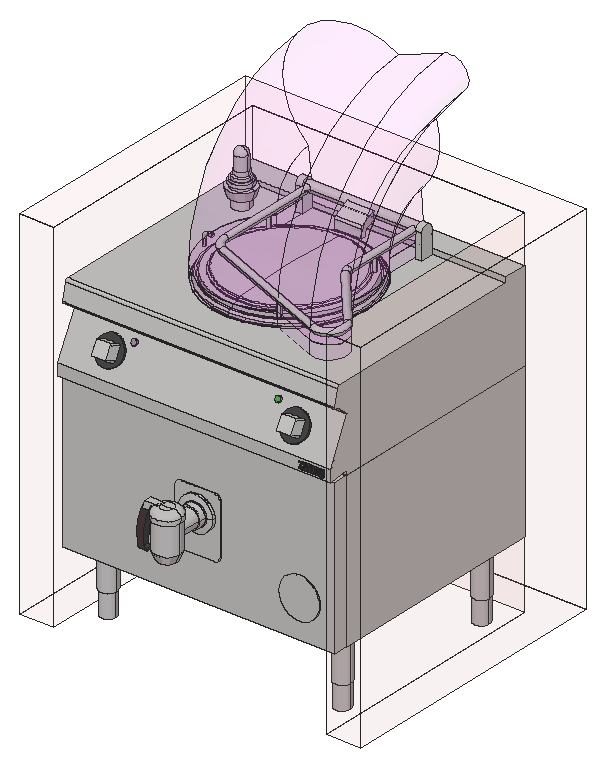
Revit family "QF_ZANUSSI_372272_Z7BSEHINF0", category Attrezzature speciali, Revit 2020
Family settings
  Quota connettore circolare = Usa diametro
  Tipo di parte = Normale
  Basato su piano di lavoro = No
  Sempre verticale = Sì
  Taglio con vuoti quando caricato = No
  Condiviso = Sì
  Punto di calcolo locali = No
Parameters (values of type "Standard")
  Weight = 220.462 lbm
  Watts = 9400 W
  Volts = 400 V
  URL Manufacturer = "http://www.zanussiprofessional.com"
  URL = "http://www.zanussiprofessional.com"
  Steam Supply Size = 0"
  Steam Supply Minimum Pressure = 0.00 psi
  Steam Supply Maximum Pressure = 0.00 psi
  Steam Consumption per Hour = 0
  Show Logo [instance] = yes
  Show Clearance [instance] = yes
  Refrigeration Suction Line Size = 0 mm
  Refrigeration Liquid Line Size = 0 mm
  Refrigerant Compressor Remote = yes
  Prospetto di default = 0 mm
  Produttore = "Zanussi"
  Phase = 3
  Modello = "Z7BSEHINF0"
  Length Actual = 800 mm  # constant formula
  Item Number = "372272"
  Hot Water Size = 3/4"
  Height Actual = 850 mm  # constant formula
  HP = "12.6 HP"
  Gas Size = 0"
  Gas KW = 0
  Gas Input Pressure = 0.0 Btu/h
  Direct Waste Size = 5 1/2"
  Descrizione = "60 LT ELECTRIC INDIRECT BOILING PAN"
  Depth Actual = 700 mm  # constant formula
  Cycle = 50 Hz
  Condensate Return Size = 0"
  Compressed Air Volume = 0 GPM
  Compressed Air Size = 0"
  Compressed Air Pressure = 0.00 psi
  Cold Water Size = 3/4"
  Accessory = yes
Reference planes
  plane 1 "BACK": y = 0
  plane 2: z = 0
  plane 3 "LEFT": x = 0
  plane 4 "RIGHT": x = 800
  plane 5 "FRONT": y = -730
  plane 6: z = 850
  plane 7: z = 150
  plane 8: x = -100
  plane 9: x = 900
  plane 10: y = 100
  plane 11: z = 449
  plane 12 "Top": z = 850
  plane 13: y = -365
  plane 14: x = 400
  plane 15: x = 500
  plane 16: z = 995.049
  plane 17: z = 890.905
  plane 18: y = -512
  plane 19: y = -441
  plane 20: x = 762
  plane 21: y = -519
Forms (mm)
  Extrusion 1, solid, material "QF_Finishes_Clearance", visible <- "Show Clearance"
    sketch origin (0, -80, 0) x (1, 0, 0) y (0, 1, 0)
      loop
        line (-100, -650) -> (0, -650) -> (0, 80) -> (800, 80) -> (800, -650) -> (900, -650) -> (900, 180) -> (-100, 180) -> (-100, -650)
    from 0 to 1055
  Extrusion 2, solid, material "QF_Finishes_Door Clearance", visible <- "Show Clearance"
    sketch origin (0, 42.589, 145) x (1, 0, 0) y (0, 1, 0)
      loop
        line (215, -117.774) -> (215, -152.562) -> (234.241, -152.562) -> (234.241, -247.575)
        arc (234.241, -247.575) -> (220.868, -552.476) -> (521.828, -603.136) r 230.392
        line (521.828, -603.136) -> (660.154, -657.755)
        arc (660.154, -657.755) -> (720.452, -640.077) -> (718.135, -577.284) r 51.161
        line (718.135, -577.284) -> (623.801, -464.862)
        arc (623.801, -464.862) -> (622.911, -349.021) -> (565.758, -248.256) r 230.392
        line (565.758, -248.256) -> (565.758, -152.562) -> (585, -152.562) -> (585, -117.774) -> (215, -117.774)
    from 755 to 795.905
  Revolve 3, solid, material "QF_Finishes_Door Clearance", visible <- "Show Clearance"
    sketch origin (-999.388, 37.227, 940.905) x (1, 0, 0) y (0, 1, 0)
      loop
        line (1214.388, -112.413) -> (1214.388, -147.2) -> (1233.629, -147.2) -> (1233.629, -242.213)
        arc (1233.629, -242.213) -> (1220.256, -547.115) -> (1521.217, -597.774) r 230.392
        line (1521.217, -597.774) -> (1659.542, -652.393)
        arc (1659.542, -652.393) -> (1719.84, -634.715) -> (1717.523, -571.922) r 51.161
        line (1717.523, -571.922) -> (1623.189, -459.5)
        arc (1623.189, -459.5) -> (1622.299, -343.659) -> (1565.146, -242.895) r 230.392
        line (1565.146, -242.895) -> (1565.146, -147.2) -> (1584.388, -147.2) -> (1584.388, -112.413) -> (1214.388, -112.413)
      axis (1214.388, -112.413) -> (1717.523, -112.413)
    angle from 0 to -85
  Extrusion 4, solid, material "QF_Finishes_Stainless Steel"
    sketch origin (28.192, 0, 82.666) x (1, 0, 0) y (0, 0, 1)
      loop
        circle (241.361, 238.63) r 30
    from 699.69 to 700.841
  Extrusion 5, solid, material "QF_Finishes_Stainless Steel"
    sketch origin (455.707, 0, 73.11) x (1, 0, 0) y (0, 0, 1)
      loop
        circle (241.361, 238.63) r 60
    from 699.69 to 700.841
  Extrusion 6, solid, material "QF_Finishes_Stainless Steel"
    sketch origin (0, 0, 50) x (0, 1, 0) y (0, 0, 1)
      loop
        line (0, 601) -> (0, 865) -> (-70, 865) -> (-70, 850) -> (-679.358, 850)
        arc (-679.358, 850) -> (-684.643, 847.811) -> (-686.833, 842.526) r 7.474
        line (-686.833, 842.526) -> (-699.884, 797.011)
        arc (-699.884, 797.011) -> (-699.396, 794.379) -> (-697, 793.184) r 3
        line (-697, 793.184) -> (-686.802, 793.184) -> (-654.982, 761.364) -> (-715, 641.508) -> (-715, 606.508) -> (-658.645, 614.428)
        arc (-658.645, 614.428) -> (-656.101, 613.674) -> (-655, 611.259) r 3.2
        line (-655, 611.259) -> (-655, 601) -> (0, 601)
    from 0 to 800
  Extrusion 7, solid, material "QF_Finishes_Stainless Steel"
    sketch origin (0, 0, 50) x (1, 0, 0) y (0, 1, 0)
      loop
        line (0, 0) -> (0, -655) -> (800, -655) -> (800, 0) -> (0, 0)
    from 150 to 600
  Extrusion 8, solid, material "QF_Finishes_Stainless Steel"
    sketch origin (0, -40, 50) x (0, 1, 0) y (0, 0, 1)
      loop
        line (-660, 601) -> (-660, 150) -> (-620, 150) -> (-620, 601) -> (-660, 601)
    from 0 to 800
  Extrusion 9, solid, material "QF_Finishes_Stainless Steel"
    sketch origin (-1055.159, 275.464, 194.383) x (1, 0, 0) y (0, 1, 0)
      loop
        circle (1102.159, -787.464) r 10
    from -9.383 to 5.617
  Extrusion 10, solid, material "QF_Finishes_Stainless Steel"
    sketch origin (-1055.159, 346.464, 194.383) x (1, 0, 0) y (0, 1, 0)
      loop
        circle (1102.159, -787.464) r 10
    from -9.383 to 5.617
  Extrusion 11, solid, material "QF_Finishes_Stainless Steel"
    sketch origin (-358.159, 332.464, 194.383) x (1, 0, 0) y (0, 1, 0)
      loop
        circle (1102.159, -787.464) r 10
    from -9.383 to 5.617
  Extrusion 12, solid, material "QF_Finishes_Stainless Steel"
    sketch origin (-702.159, 410.464, 194.383) x (1, 0, 0) y (0, 1, 0)
      loop
        circle (1102.159, -787.464) r 20
    from -9.383 to 5.617
Lines and regions (mm)
  reference lines
    curve 1: line (734, 0, 0) -> (754, 0, 0)
  model lines
    curve 2: line (0, -700, 200) -> (0, -660, 200)
Dimensions and locks
  plane 4 "RIGHT" to plane 3 "LEFT" = 800 mm
  plane 6 to level = 850 mm
  plane 3 "LEFT" to plane 4 "RIGHT" = 800 mm
  plane 5 "FRONT" to plane 1 "BACK" = 730 mm
  plane 8 to plane 3 "LEFT" = 100 mm
  plane 4 "RIGHT" to plane 9 = 100 mm
  plane 10 to plane 1 "BACK" = 100 mm
  equal spacing: plane 3 "LEFT", plane 14, plane 4 "RIGHT"
  equal spacing: plane 5 "FRONT", plane 13, plane 1 "BACK"
  plane 15 to plane 3 "LEFT" = 500 mm
  aligned and locked: level to plane 2
  aligned and locked: plane 5 "FRONT" to Extrusion 1  (x2)
  aligned and locked: Extrusion 1 to plane 4 "RIGHT"
  aligned and locked: plane 3 "LEFT" to Extrusion 1
  aligned and locked: plane 8 to Extrusion 1
  aligned and locked: plane 9 to Extrusion 1
  aligned and locked: plane 10 to Extrusion 1
  aligned and locked: plane 1 "BACK" to Extrusion 1
Automatic sketch dimensions
  curve 2 to plane 5 "FRONT" = 30 mm
  plane 7 to curve 2 = 50 mm
  curve 2 to curve 2 = 40 mm
  plane 5 "FRONT" to Extrusion 1 sketch curve = 0 mm  (x2)
  Extrusion 1 sketch curve to plane 8 = 0 mm
  Extrusion 1 sketch curve to plane 3 "LEFT" = 0 mm
  plane 1 "BACK" to Extrusion 1 sketch curve = 0 mm
  Extrusion 1 sketch curve to plane 4 "RIGHT" = 0 mm
  Extrusion 1 sketch curve to plane 9 = 0 mm
  Extrusion 1 sketch curve to plane 10 = 0 mm
  plane 1 "BACK" to curve 1 = 0 mm
  plane 20 to curve 1 = 28 mm
  plane 20 to curve 1 = 8 mm
  Extrusion 2 sketch curve to plane 13 = 0 mm
  Extrusion 2 sketch curve to plane 14 = 0 mm
  Extrusion 2 sketch curve to plane 14 = 165.759 mm
  Extrusion 2 sketch curve to Extrusion 2 sketch curve = 19.241 mm
  plane 14 to Extrusion 2 sketch curve = 0.37 mm
  Extrusion 2 sketch curve to plane 15 = 21.828 mm
  Extrusion 2 sketch curve to plane 15 = 65.758 mm
  Extrusion 2 sketch curve to Extrusion 2 sketch curve = 19.242 mm
  plane 19 to Extrusion 2 sketch curve = 18.727 mm
  Extrusion 2 sketch curve to plane 15 = 123.801 mm
  plane 20 to Extrusion 2 sketch curve = 101.846 mm
  Extrusion 2 sketch curve to Extrusion 2 sketch curve = 18.79 mm
  Extrusion 2 sketch curve to plane 21 = 15.695 mm
  plane 20 to Extrusion 2 sketch curve = 43.865 mm
  Extrusion 2 sketch curve to plane 21 = 41.547 mm
  Extrusion 2 sketch curve to plane 21 = 48.581 mm
  Extrusion 2 sketch curve to plane 13 = 1.065 mm
  Extrusion 2 sketch curve to Extrusion 2 sketch curve = 95.694 mm
  Extrusion 2 sketch curve to Extrusion 2 sketch curve = 95.013 mm
  Extrusion 2 sketch curve to Extrusion 2 sketch curve = 34.788 mm
  Revolve 3 sketch curve to plane 13 = 0 mm
  Revolve 3 sketch curve to plane 14 = 0 mm
  Revolve 3 sketch curve to plane 14 = 165.759 mm
  Revolve 3 sketch curve to Revolve 3 sketch curve = 19.241 mm
  plane 14 to Revolve 3 sketch curve = 0.37 mm
  Revolve 3 sketch curve to plane 15 = 21.828 mm
  Revolve 3 sketch curve to plane 15 = 65.758 mm
  Revolve 3 sketch curve to Revolve 3 sketch curve = 19.242 mm
  plane 19 to Revolve 3 sketch curve = 18.727 mm
  Revolve 3 sketch curve to plane 15 = 123.801 mm
  plane 20 to Revolve 3 sketch curve = 101.846 mm
  Revolve 3 sketch curve to Revolve 3 sketch curve = 18.79 mm
  Revolve 3 sketch curve to plane 21 = 15.695 mm
  plane 20 to Revolve 3 sketch curve = 43.865 mm
  Revolve 3 sketch curve to plane 21 = 41.547 mm
  Revolve 3 sketch curve to plane 21 = 48.581 mm
  Revolve 3 sketch curve to plane 13 = 1.065 mm
  Revolve 3 sketch curve to Revolve 3 sketch curve = 95.694 mm
  Revolve 3 sketch curve to Revolve 3 sketch curve = 95.013 mm
  Revolve 3 sketch curve to Revolve 3 sketch curve = 34.788 mm  (x2)
  Revolve 3 sketch curve to Revolve 3 sketch curve = 63.573 mm
  plane 15 to Revolve 3 sketch curve = 32.187 mm
  Extrusion 4 sketch curve to plane 14 = 130.446 mm
  plane 11 to Extrusion 4 sketch curve = 127.704 mm
  plane 20 to Extrusion 5 sketch curve = 64.932 mm
  plane 11 to Extrusion 5 sketch curve = 137.26 mm
  Extrusion 6 sketch curve to plane 1 "BACK" = 0 mm
  plane 17 to Extrusion 6 sketch curve = 24.095 mm
  plane 1 "BACK" to Extrusion 6 sketch curve = 70 mm
  Extrusion 6 sketch curve to plane 5 "FRONT" = 75.018 mm
  Extrusion 6 sketch curve to plane 5 "FRONT" = 75 mm
  Extrusion 6 sketch curve to Extrusion 6 sketch curve = 3.2 mm
  Extrusion 6 sketch curve to Extrusion 6 sketch curve = 0.445 mm
  plane 17 to Extrusion 6 sketch curve = 1.621 mm
  Extrusion 6 sketch curve to plane 5 "FRONT" = 50.642 mm
  Extrusion 6 sketch curve to plane 6 = 6.816 mm
  Extrusion 6 sketch curve to plane 5 "FRONT" = 43.198 mm
  Extrusion 6 sketch curve to Extrusion 6 sketch curve = 7.474 mm
  Extrusion 6 sketch curve to plane 6 = 3.816 mm
  Extrusion 6 sketch curve to Extrusion 6 sketch curve = 10.198 mm
  Extrusion 6 sketch curve to plane 6 = 2.989 mm
  Extrusion 6 sketch curve to plane 5 "FRONT" = 15 mm
  Extrusion 6 sketch curve to plane 6 = 38.636 mm
  Extrusion 6 sketch curve to Extrusion 6 sketch curve = 119.856 mm
  Extrusion 6 sketch curve to Extrusion 6 sketch curve = 27.08 mm
  Extrusion 6 sketch curve to Extrusion 6 sketch curve = 35 mm
  Extrusion 6 sketch curve to Extrusion 6 sketch curve = 10.259 mm
  Extrusion 7 sketch curve to plane 3 "LEFT" = 0 mm
  Extrusion 7 sketch curve to plane 4 "RIGHT" = 0 mm
  plane 1 "BACK" to Extrusion 7 sketch curve = 0 mm
  Extrusion 7 sketch curve to plane 5 "FRONT" = 75 mm
  Extrusion 8 sketch curve to plane 5 "FRONT" = 30 mm
  Extrusion 8 sketch curve to Extrusion 8 sketch curve = 40 mm
  plane 7 to Extrusion 8 sketch curve = 50 mm
  Extrusion 8 sketch curve to plane 6 = 199 mm
  Extrusion 9 sketch curve to plane 18 = 0 mm
  plane 3 "LEFT" to Extrusion 9 sketch curve = 47 mm
  Extrusion 10 sketch curve to plane 19 = 0 mm
  plane 3 "LEFT" to Extrusion 10 sketch curve = 47 mm
  plane 20 to Extrusion 11 sketch curve = 18 mm
  Extrusion 11 sketch curve to plane 19 = 14 mm
  Extrusion 12 sketch curve to plane 14 = 0 mm
  Extrusion 12 sketch curve to plane 13 = 12 mm
  radius of Extrusion 4 sketch curve = 30 mm
  radius of Extrusion 5 sketch curve = 60 mm
  radius of Extrusion 9 sketch curve = 10 mm
  radius of Extrusion 10 sketch curve = 10 mm
  radius of Extrusion 11 sketch curve = 10 mm
  radius of Extrusion 12 sketch curve = 20 mm
Nested families
  nested 1: "CHIUSURA_EBOLLITORE_MANIGLIA_420" at (400, -364.434, 900), type "CHIUSURA_EBOLLITORE_MANIGLIA_420"
  nested 2: "Valvola_Sicurezza_Pressione_VERSIONE LARGA" at (99.001, -165.726, 900) x (0, -1, 0) z (0, 0, 1), type "Valvola_Sicurezza_Pressione_VERSIONE LARGA"
  nested 3: "SPIA_RED" at (188.474, -668.991, 791.498) x (1, 0, 0) z (0, -0.9021, 0.4315), type "SPIA_RED"
  nested 4: "SPIA_GREEN" at (611.526, -668.991, 791.498) x (-1, 0, 0) z (0, -0.9021, 0.4315), type "SPIA_GREEN"
  nested 5: "CONTROLLER_XP-ZAN" at (178.223, -683.163, 755.086) x (1, 0, 0) z (0, -0.8942, 0.4478), type "CONTROLLER_XP-ZAN"
  nested 6: "CONTROLLER_XP-ZAN" at (723.911, -685.675, 750.07) x (1, 0, 0) z (0, -0.8942, 0.4478), type "CONTROLLER_XP-ZAN"
  nested 7: "ZANUSSI_Logo" at (748.892, -715, 722.809) x (1, 0, 0) z (0, -1, 0), Show Logo <- "Show Logo", visible <- "Show Logo", type "ZANUSSI_Logo"
    with Show Logo yes
  nested 8: "bocchettone_scarico_SX_ebollitori" at (400, -699.69, 411.296) x (1, 0, 0) z (0, -1, 0), type "bocchettone_scarico_SX_ebollitori"
    with Body Finish QF_Finishes_Stainless Steel
  nested 9: "Piedino 50xH200_par" at (56, -91, 0), type "Piedino 50xH200_par"
    with H 200 mm
  nested 10: "Piedino 50xH200_par" at (56, -601, 0), type "Piedino 50xH200_par"
    with H 200 mm
  nested 11: "Piedino 50xH200_par" at (744, -601, 0), type "Piedino 50xH200_par"
    with H 200 mm
  nested 12: "Piedino 50xH200_par" at (744, -91, 0), type "Piedino 50xH200_par"
    with H 200 mm
Connectors
  piping at (400, -377, 185), diameter 139.7, driven by "Direct Waste Size"
    settings: on Extrusion 12, index 7, connector inside diameter 24", connector length 0 mm, flow factor 0, pipe flow 0 GPM, pressure drop 0.00 psi, fitting loss kfactor 0, connector angle 0.00°, fixture units 0, engagement length 0 mm, angle of deflection 0.00°, flow configuration 0, flow direction 0, fitting loss method 0, system type 29, joint type 0, gender type 0, connector reference index -1, connector utility 0, adjustable connector no, is connector primary yes, connector description "Drain"
  electrical at (744, -455, 185), driven by "Volts"
    settings: on Extrusion 11, index 8, voltage 400 V, apparent load 0 VA, apparent load phase1 0 VA, apparent load phase2 0 VA, apparent load phase3 0 VA, power factor 1, load classification "Altro", number of poles 1, system type 30, power factor state 1, is connector primary yes, connector utility no, sub classification motor no, connector description "Electrical Connection"
  piping at (47, -512, 185), diameter 19.05, driven by "Cold Water Size"
    settings: on Extrusion 9, index 9, connector inside diameter 24", connector length 0 mm, flow factor 0, pipe flow 0 GPM, pressure drop 0.00 psi, fitting loss kfactor 0, connector angle 0.00°, fixture units 0, engagement length 0 mm, angle of deflection 0.00°, flow configuration 0, flow direction 0, fitting loss method 0, system type 29, joint type 0, gender type 0, connector reference index -1, connector utility 0, adjustable connector no, is connector primary no, connector description "Cold Water Inlet"
  piping at (47, -441, 185), diameter 19.05, driven by "Hot Water Size"
    settings: on Extrusion 10, index 10, connector inside diameter 24", connector length 0 mm, flow factor 0, pipe flow 0 GPM, pressure drop 0.00 psi, fitting loss kfactor 0, connector angle 0.00°, fixture units 0, engagement length 0 mm, angle of deflection 0.00°, flow configuration 0, flow direction 0, fitting loss method 0, system type 29, joint type 0, gender type 0, connector reference index -1, connector utility 0, adjustable connector no, is connector primary no, connector description "Hot Water Inlet"
Definition of nested family "CHIUSURA_EBOLLITORE_MANIGLIA_420"
  Parameters (values of type "CHIUSURA_EBOLLITORE_MANIGLIA_420")
    Default Elevation = 1219.2 mm
  Reference planes
    plane 1 "Centro (Fronte/Retro)": y = 0
    plane 2: z = 0
    plane 3 "Centro (Sinistra/Destra)": x = 0
  Forms (mm)
    Extrusion 1, solid
      sketch origin (0, 0, 0) x (1, 0, 0) y (0, 1, 0)
        loop
          line (-1219.2, 1219.2) -> (-1219.2, -1219.2) -> (1219.2, -1219.2) -> (1219.2, 1219.2) -> (-1219.2, 1219.2)
      from 0 to -304.8
    Sweep 2, solid
      path origin (-400, 374.738, -849.313) x (1, 0, 0) y (0, 1, 0)
        loop
          line (243.743, -103.594) -> (243.743, -417.5)
          arc (243.743, -417.5) -> (252.432, -445.667) -> (275.478, -464.045) r 50
          line (275.478, -464.045) -> (663.94, -616.483)
          arc (663.94, -616.483) -> (712.787, -602.077) -> (710.882, -551.185) r 41.493
          line (710.882, -551.185) -> (563.79, -375.888)
          arc (563.79, -375.888) -> (558.199, -366.203) -> (556.257, -355.19) r 32.201
          line (556.257, -355.19) -> (556.257, -103.594)
      profile origin (-156.257, 114.191, -849.313) x (1, 0, 0) y (0, 0, 1)
        loop
          circle (0, 918.759) r 9.525
    Revolve 3, solid
      sketch origin (0, 355.988, -849.313) x (0, 1, 0) y (0, 0, 1)
        loop
          line (-355.988, 849.313) -> (-355.988, 890.138)
          arc (-355.988, 890.138) -> (-448.202, 888.071) -> (-540.231, 881.875) r 2058.307
          arc (-540.231, 881.875) -> (-541.6, 881.506) -> (-542.761, 880.692) r 4.095
          line (-542.761, 880.692) -> (-546.613, 876.84) -> (-546.613, 873.469) -> (-564.694, 873.469) -> (-564.694, 853.437) -> (-572.776, 853.437) -> (-572.776, 867.549) -> (-576.075, 867.549) -> (-576.075, 865.745) -> (-580.988, 857.235) -> (-580.988, 851.51) -> (-585.988, 851.51) -> (-585.988, 849.313) -> (-355.988, 849.313)
        axis (-355.988, 849.313) -> (-355.988, 890.138)
      angle from 0 to 360
    Extrusion 4, solid
      sketch origin (-400, 374.738, -849.313) x (1, 0, 0) y (0, 1, 0)
        loop
          circle (516.64, -559.183) r 5
        loop
          circle (611.532, -432.835) r 5
        loop
          circle (556.239, -256.89) r 5
        loop
          circle (243.739, -256.89) r 5
      from 873.469 to 917.509
    Extrusion 5, solid
      sketch origin (-400, 375.449, -857.666) x (0, 1, 0) y (0, 0, 1)
        loop
          circle (-103.594, 927.13) r 15
      from 215 to 585
    Extrusion 6, solid
      sketch origin (-400, 376.074, -857.666) x (0, 1, 0) y (0, 0, 1)
        loop
          line (-161.825, 881.823) -> (-147.722, 881.823) -> (-147.722, 896.159)
          arc (-147.722, 896.159) -> (-146.818, 899.027) -> (-144.432, 900.857) r 5
          line (-144.432, 900.857) -> (-110.128, 913.343)
          arc (-110.128, 913.343) -> (-118.811, 923.657) -> (-115.705, 936.776) r 15
          line (-115.705, 936.776) -> (-157.703, 913.496)
          arc (-157.703, 913.496) -> (-160.718, 910.56) -> (-161.825, 906.499) r 8
          line (-161.825, 906.499) -> (-161.825, 881.823)
      from 361.051 to 438.949
    Extrusion 7, solid
      sketch origin (326.071, 375.449, -856.416) x (0, 1, 0) y (0, 0, -1)
        loop
          line (-86.2, -856.416) -> (-120.988, -856.416) -> (-120.988, -927.861)
          arc (-120.988, -927.861) -> (-103.594, -945.255) -> (-86.2, -927.861) r 17.394
          line (-86.2, -927.861) -> (-86.2, -856.416)
      from 492.722 to 511.071
    Sweep 8, solid
      path origin (25, 0, 0) x (1, 0, 0) y (0, 0, 1)
        loop
          line (-276.49, 0) -> (-276.49, 22.015)
          arc (-276.49, 22.015) -> (-272.687, 31.197) -> (-263.505, 35) r 12.985
          line (-263.505, 35) -> (-251.49, 35)
      profile origin (-251.49, 0, 11.007) x (-1, 0, 0) y (0, -1, 0)
        loop
          circle (0, 0) r 4
    Sweep 9, void
      path origin (25, 0.021, -0.007) x (1, 0, 0) y (0, 0, 1)
        loop
          line (-276.49, 0) -> (-276.49, 22.015)
          arc (-276.49, 22.015) -> (-272.687, 31.197) -> (-263.505, 35) r 12.985
          line (-263.505, 35) -> (-251.49, 35)
      profile origin (-251.49, 0.021, 11) x (-1, 0, 0) y (0, -1, 0)
        loop
          circle (0, 0) r 3
    Extrusion 10, solid
      sketch origin (-326.071, 375.449, -856.416) x (0, 1, 0) y (0, 0, 1)
        loop
          line (-86.2, 856.416) -> (-86.2, 927.861)
          arc (-86.2, 927.861) -> (-103.594, 945.255) -> (-120.988, 927.861) r 17.394
          line (-120.988, 927.861) -> (-120.988, 856.416) -> (-86.2, 856.416)
      from 492.722 to 511.071
  Cuts and joins
    Sweep 9 cuts Sweep 8
    joined: Sweep 2, Extrusion 5, Extrusion 7, Extrusion 10
  Dimensions and locks
    aligned and locked: plane 2 to Extrusion 1
    aligned and locked: level to Extrusion 1
Definition of nested family "Valvola_Sicurezza_Pressione_VERSIONE LARGA"
  Parameters (values of type "Valvola_Sicurezza_Pressione_VERSIONE LARGA")
    Default Elevation = 1219.2 mm
  Reference planes
    plane 1 "Centro (Fronte/Retro)": y = 0
    plane 2: z = 0
    plane 3 "Centro (Sinistra/Destra)": x = 0
  Forms (mm)
    Extrusion 1, solid
      sketch origin (0, 0, 0) x (1, 0, 0) y (0, 1, 0)
        loop
          line (-1219.2, 1219.2) -> (-1219.2, -1219.2) -> (1219.2, -1219.2) -> (1219.2, 1219.2) -> (-1219.2, 1219.2)
      from 0 to -304.8
    Revolve 2, solid
      sketch origin (0, 127, -850) x (0, 1, 0) y (0, 0, 1)
        loop
          line (-127, 850) -> (-127, 1005.049)
          arc (-127, 1005.049) -> (-139.857, 999.724) -> (-145.183, 986.867) r 18.183
          line (-145.183, 986.867) -> (-145.183, 946.198) -> (-147.515, 946.198) -> (-147.515, 935.501) -> (-152, 931.015) -> (-152, 924.56) -> (-157, 924.56) -> (-157, 919.56) -> (-160.008, 919.56) -> (-160.008, 911.432) -> (-157, 911.432) -> (-157, 902.923) -> (-168.345, 902.923) -> (-160.305, 877.208) -> (-152, 875.138) -> (-152, 850) -> (-127, 850)
        axis (-127, 850) -> (-127, 1005.049)
      angle from 0 to 360
  Dimensions and locks
    aligned and locked: plane 2 to Extrusion 1
    aligned and locked: level to Extrusion 1
Definition of nested family "SPIA_RED"
  Parameters
    Default Elevation = 1219.2 mm
  Reference planes
    plane 1 "Centro (Fronte/Retro)": y = 0
    plane 2: z = 0
    plane 3 "Centro (Sinistra/Destra)": x = 0
  Forms (mm)
    Extrusion 1, solid
      sketch origin (0, 0, 0) x (1, 0, 0) y (0, 1, 0)
        loop
          line (-1219.2, 1219.2) -> (-1219.2, -1219.2) -> (1219.2, -1219.2) -> (1219.2, 1219.2) -> (-1219.2, 1219.2)
      from 0 to -304.8
    Extrusion 2, solid
      sketch origin (-367.513, 69.533, 3.175) x (-1, 0, 0) y (0, 1, 0)
        loop
          circle (-367.513, -69.533) r 8
      from 0 to 3.175
  Dimensions and locks
    aligned and locked: plane 2 to Extrusion 1
    aligned and locked: level to Extrusion 1
Definition of nested family "SPIA_GREEN"
  Parameters
    Default Elevation = 1219.2 mm
  Reference planes
    plane 1 "Centro (Fronte/Retro)": y = 0
    plane 2: z = 0
    plane 3 "Centro (Sinistra/Destra)": x = 0
  Forms (mm)
    Extrusion 1, solid
      sketch origin (0, 0, 0) x (1, 0, 0) y (0, 1, 0)
        loop
          line (-1219.2, 1219.2) -> (-1219.2, -1219.2) -> (1219.2, -1219.2) -> (1219.2, 1219.2) -> (-1219.2, 1219.2)
      from 0 to -304.8
    Extrusion 2, solid
      sketch origin (-367.513, 69.533, 3.175) x (-1, 0, 0) y (0, 1, 0)
        loop
          circle (-367.513, -69.533) r 8
      from 0 to 3.175
  Dimensions and locks
    aligned and locked: plane 2 to Extrusion 1
    aligned and locked: level to Extrusion 1
Definition of nested family "CONTROLLER_XP-ZAN"
  Parameters (values of type "CONTROLLER_XP-ZAN")
    Default Elevation = 0 mm
  Reference planes
    plane 1 "Centro (Fronte/Retro)": y = 0
    plane 2: z = 0
    plane 3 "Centro (Sinistra/Destra)": x = 0
    plane 4: x = -51.067
    plane 5: x = 51.067
    plane 6: x = 93.481
    plane 7: x = -93.481
  Forms (mm)
    Extrusion 1, solid
      sketch origin (0, 0, 0) x (1, 0, 0) y (0, 1, 0)
        loop
          line (-1219.2, 1219.2) -> (-1219.2, -1219.2) -> (1219.2, -1219.2) -> (1219.2, 1219.2) -> (-1219.2, 1219.2)
      from 0 to -304.8
    Extrusion 2, solid
      sketch origin (-46.381, -48.923, 0) x (1, 0, 0) y (0, 1, 0)
        loop
          circle (-4.687, 48.923) r 42.414
      from 0 to 3.175
    Blend 3, solid
      base sketch origin (-46.381, -48.923, 3.175) x (1, 0, 0) y (0, 1, 0)
        loop
          line (-23.687, 25.923) -> (14.313, 25.923)
          arc (14.313, 25.923) -> (17.142, 27.095) -> (18.313, 29.923) r 4
          line (18.313, 29.923) -> (18.313, 66.519)
          arc (18.313, 66.519) -> (17.342, 69.132) -> (14.901, 70.476) r 4
          arc (14.901, 70.476) -> (-4.687, 71.923) -> (-24.275, 70.476) r 133.25
          arc (-24.275, 70.476) -> (-26.716, 69.132) -> (-27.687, 66.519) r 4
          line (-27.687, 66.519) -> (-27.687, 29.923)
          arc (-27.687, 29.923) -> (-26.515, 27.095) -> (-23.687, 25.923) r 4
      top sketch origin (-46.381, -48.923, 3.175) x (1, 0, 0) y (0, 1, 0)
        loop
          line (-25.687, 66.519) -> (-25.687, 29.923)
          arc (-25.687, 29.923) -> (-25.101, 28.509) -> (-23.687, 27.923) r 2
          line (-23.687, 27.923) -> (14.313, 27.923)
          arc (14.313, 27.923) -> (15.727, 28.509) -> (16.313, 29.923) r 2
          line (16.313, 29.923) -> (16.313, 66.519)
          arc (16.313, 66.519) -> (15.828, 67.825) -> (14.607, 68.498) r 2
          arc (14.607, 68.498) -> (-4.687, 69.923) -> (-23.981, 68.498) r 131.25
          arc (-23.981, 68.498) -> (-25.201, 67.825) -> (-25.687, 66.519) r 2
      from 0 to 33
  Lines and regions (mm)
    Split face 1
      outline origin (-46.381, -48.923, 36.175) x (1, 0, 0) y (0, 1, 0)
        loop
          line (-6.687, 69.908) -> (-6.687, 62.923) -> (-2.687, 62.923) -> (-2.687, 69.908)
  Dimensions and locks
    aligned and locked: plane 2 to Extrusion 1
    aligned and locked: level to Extrusion 1
Definition of nested family "ZANUSSI_Logo"
  Parameters (values of type "ZANUSSI_Logo")
    Show Logo [instance] = yes
    Default Elevation = 1219.2 mm
  Reference planes
    plane 1 "Center (Front/Back)": y = -49
    plane 2: z = 0
    plane 3 "Center (Left/Right)": x = -9.92
  Forms (mm)
    Extrusion 1, solid
      sketch origin (0, 0, 0) x (1, 0, 0) y (0, 1, 0)
        loop
          line (-1219.2, 1219.2) -> (-1219.2, -1219.2) -> (1219.2, -1219.2) -> (1219.2, 1219.2) -> (-1219.2, 1219.2)
      from 0 to -304.8
    Extrusion 2, solid, visible <- "Show Logo"
      sketch origin (106.353, -215.165, -50) x (1, 0, 0) y (0, 1, 0)
        loop
          line (-137.419, 156.48) -> (-137.419, 160.444) -> (-143.365, 160.444) -> (-137.419, 172.566) -> (-137.419, 175.851) -> (-147.274, 175.851) -> (-147.274, 172.226) -> (-142.063, 172.339) -> (-147.728, 160.444) -> (-147.728, 156.48) -> (-137.419, 156.48)
        loop
          line (-131.729, 163.73) -> (-129.463, 163.73) -> (-130.596, 172.54) -> (-131.729, 163.73)
        loop
          line (-132.748, 156.48) -> (-132.182, 160.218) -> (-128.897, 160.218) -> (-128.33, 156.48) -> (-124.252, 156.48) -> (-127.877, 175.851) -> (-133.315, 175.851) -> (-136.826, 156.48) -> (-132.748, 156.48)
        loop
          line (-123.75, 175.851) -> (-123.75, 156.48) -> (-120.238, 156.48) -> (-120.238, 169.281) -> (-116.953, 156.48) -> (-112.648, 156.48) -> (-112.648, 175.851) -> (-116.273, 175.851) -> (-116.273, 163.503) -> (-119.558, 175.851) -> (-123.75, 175.851)
        loop
          arc (-111.742, 161.27) -> (-106.896, 156.448) -> (-101.433, 160.558) r 5.22
          line (-101.433, 160.558) -> (-101.433, 175.851) -> (-105.398, 175.851) -> (-105.398, 161.464)
          arc (-105.398, 161.464) -> (-106.44, 160.263) -> (-107.777, 161.124) r 1.214
          line (-107.777, 161.124) -> (-107.777, 175.851) -> (-111.742, 175.851) -> (-111.742, 161.27)
        loop
          line (-94.069, 169.734) -> (-90.331, 169.734) -> (-90.269, 171.495)
          arc (-90.269, 171.495) -> (-90.53, 173.458) -> (-91.761, 175.009) r 3.719
          arc (-91.761, 175.009) -> (-95.38, 176.189) -> (-98.998, 175.009) r 6.139
          arc (-98.998, 175.009) -> (-100.474, 172.145) -> (-100.291, 168.927) r 6.125
          arc (-100.291, 168.927) -> (-99.079, 167.149) -> (-97.591, 165.594) r 13.068
          line (-97.591, 165.594) -> (-95.921, 164.113)
          arc (-95.921, 164.113) -> (-94.934, 163.275) -> (-94.167, 162.233) r 5.571
          arc (-94.167, 162.233) -> (-94.357, 160.41) -> (-96.143, 160.003) r 1.573
          arc (-96.143, 160.003) -> (-96.681, 160.547) -> (-96.911, 161.277) r 1.631
          arc (-96.911, 161.277) -> (-96.929, 161.791) -> (-96.911, 162.305) r 7.441
          arc (-96.911, 162.305) -> (-96.895, 162.791) -> (-96.911, 163.277) r 7.03
          line (-96.911, 163.277) -> (-100.866, 163.277)
          arc (-100.866, 163.277) -> (-100.828, 160.504) -> (-99.735, 157.955) r 7.131
          arc (-99.735, 157.955) -> (-94.571, 156.484) -> (-90.221, 159.633) r 6.148
          arc (-90.221, 159.633) -> (-90.141, 162.884) -> (-91.536, 165.823) r 7.021
          line (-91.536, 165.823) -> (-95.882, 169.734)
          arc (-95.882, 169.734) -> (-96.47, 170.472) -> (-96.785, 171.362) r 2.858
          arc (-96.785, 171.362) -> (-95.666, 172.959) -> (-94.069, 171.84) r 1.379
          line (-94.069, 171.84) -> (-94.069, 169.734)
        loop
          line (-82.771, 169.734) -> (-79.033, 169.734) -> (-78.971, 171.495)
          arc (-78.971, 171.495) -> (-79.232, 173.458) -> (-80.463, 175.009) r 3.719
          arc (-80.463, 175.009) -> (-84.081, 176.189) -> (-87.7, 175.009) r 6.139
          arc (-87.7, 175.009) -> (-89.175, 172.145) -> (-88.993, 168.927) r 6.125
          arc (-88.993, 168.927) -> (-87.781, 167.149) -> (-86.293, 165.594) r 13.068
          line (-86.293, 165.594) -> (-84.623, 164.113)
          arc (-84.623, 164.113) -> (-83.636, 163.275) -> (-82.869, 162.233) r 5.571
          arc (-82.869, 162.233) -> (-83.059, 160.41) -> (-84.845, 160.003) r 1.573
          arc (-84.845, 160.003) -> (-85.383, 160.547) -> (-85.613, 161.277) r 1.631
          arc (-85.613, 161.277) -> (-85.631, 161.791) -> (-85.613, 162.305) r 7.441
          arc (-85.613, 162.305) -> (-85.596, 162.791) -> (-85.613, 163.277) r 7.03
          line (-85.613, 163.277) -> (-89.568, 163.277)
          arc (-89.568, 163.277) -> (-89.53, 160.504) -> (-88.437, 157.955) r 7.131
          arc (-88.437, 157.955) -> (-83.272, 156.484) -> (-78.922, 159.633) r 6.148
          arc (-78.922, 159.633) -> (-78.843, 162.884) -> (-80.238, 165.823) r 7.021
          line (-80.238, 165.823) -> (-84.584, 169.734)
          arc (-84.584, 169.734) -> (-85.171, 170.472) -> (-85.486, 171.362) r 2.858
          arc (-85.486, 171.362) -> (-84.368, 172.959) -> (-82.771, 171.84) r 1.379
          line (-82.771, 171.84) -> (-82.771, 169.734)
        loop
          line (-78.21, 175.851) -> (-78.21, 156.48) -> (-74.245, 156.48) -> (-74.245, 175.851) -> (-78.21, 175.851)
      from 50 to 51.6
  Dimensions and locks
    aligned and locked: plane 2 to Extrusion 1
    aligned and locked: level to Extrusion 1
Definition of nested family "bocchettone_scarico_SX_ebollitori"
  Parameters
    Default Elevation = 1219.2 mm
    Body Finish [instance] = none
  Reference planes
    plane 1 "Centro (Fronte/Retro)": y = 0
    plane 2: z = 0
    plane 3 "Centro (Sinistra/Destra)": x = 0
  Forms (mm)
    Extrusion 1, solid
      sketch origin (0, 0, 0) x (1, 0, 0) y (0, 1, 0)
        loop
          line (-1219.2, 1219.2) -> (-1219.2, -1219.2) -> (1219.2, -1219.2) -> (1219.2, 1219.2) -> (-1219.2, 1219.2)
      from 0 to -304.8
    Extrusion 2, solid
      sketch origin (-400, 240.774, 0) x (0, 1, 0) y (-1, 0, 0)
        loop
          arc (-150.774, -353.125) -> (-156.632, -338.983) -> (-170.774, -333.125) r 20
          line (-170.774, -333.125) -> (-310.774, -333.125)
          arc (-310.774, -333.125) -> (-324.916, -338.983) -> (-330.774, -353.125) r 20
          line (-330.774, -353.125) -> (-330.774, -446.875)
          arc (-330.774, -446.875) -> (-324.916, -461.017) -> (-310.774, -466.875) r 20
          line (-310.774, -466.875) -> (-170.774, -466.875)
          arc (-170.774, -466.875) -> (-156.632, -461.017) -> (-150.774, -446.875) r 20
          line (-150.774, -446.875) -> (-150.774, -353.125)
      from 0 to 3.2
    Revolve 3, solid, material <- "Body Finish"
      sketch origin (-350, 21.922, -772.589) x (1, 0, 0) y (0, 0, -1)
        loop
          line (350, -775.828) -> (350, -864.845) -> (377.31, -864.845) -> (377.31, -807.326) -> (381.52, -807.326) -> (381.52, -788.802) -> (383.56, -788.802) -> (383.56, -785.903) -> (400.479, -782.307) -> (400.479, -775.828) -> (350, -775.828)
        axis (350, -864.845) -> (350, -775.828)
      angle from 0 to 360
    Revolve 4, solid, material <- "Body Finish"
      sketch origin (-350, -526.747, 115) x (1, 0, 0) y (0, 1, 0)
        loop
          line (387.487, 584.414) -> (391.109, 584.414) -> (391.109, 596.458)
          arc (391.109, 596.458) -> (383.595, 608.72) -> (370.039, 613.521) r 21.541
          line (370.039, 613.521) -> (350, 613.521) -> (350, 475.451) -> (376.476, 475.451) -> (387.487, 500.451) -> (387.487, 584.414)
        axis (350, 475.451) -> (350, 613.521)
      angle from 0 to 360
    Extrusion 5, solid, material <- "Body Finish"
      sketch origin (-350, -775.155, 38.523) x (1, 0, 0) y (0, 1, 0)
        loop
          line (334.337, 862.322) -> (293.259, 862.322)
          arc (293.259, 862.322) -> (288.909, 852.087) -> (286.124, 841.32) r 74.823
          line (286.124, 841.32) -> (313.163, 841.32)
          arc (313.163, 841.32) -> (321.492, 854.097) -> (334.337, 862.322) r 36.276
      from 65.839 to 87.452
    Extrusion 6, solid
      sketch origin (-317.505, -797.905, 38.523) x (0.996195, 0.087156, 0) y (-0.087156, 0.996195, 0)
        loop
          line (310.083, 729.392) -> (326.95, 725.56)
          arc (326.95, 725.56) -> (330.708, 728.657) -> (328.286, 732.881) r 3.774
          arc (328.286, 732.881) -> (324.091, 735.364) -> (321.08, 739.199) r 13.226
          arc (321.08, 739.199) -> (329.921, 798.627) -> (355.034, 853.209) r 212.616
          line (355.034, 853.209) -> (332.761, 855.158)
          arc (332.761, 855.158) -> (308.651, 800.836) -> (302.633, 741.71) r 188.693
          arc (302.633, 741.71) -> (303.742, 733.968) -> (310.083, 729.392) r 10
      from 68.541 to 84.413
  Dimensions and locks
    Extrusion 5 sketch curve to Extrusion 5 sketch curve to Revolve 4 = 21.002 mm locked, 117.461 mm locked
    Extrusion 6 sketch curve to Extrusion 6 sketch curve to Extrusion 6 sketch curve to Extrusion 6 sketch curve to Extrusion 6 sketch curve to Extrusion 6 sketch curve = 2.347 mm locked, 5.062 mm locked, 5.666 mm locked, 0.894 mm locked, 115.642 mm locked
    aligned and locked: plane 2 to Extrusion 1
    aligned and locked: level to Extrusion 1
Definition of nested family "Piedino 50xH200_par"
  Parameters (values of type "Piedino 50xH200_par")
    Default Elevation = 0 mm
    H [instance] = 200 mm
  Reference planes
    plane 1 "Centro (Fronte/Retro)": y = 0
    plane 2: z = 0
    plane 3 "Centro (Sinistra/Destra)": x = 0
  Forms (mm)
    Revolve 1, solid
      sketch origin (55, 0, 0) x (-1, 0, 0) y (0, 0, -1)
        loop
          line (55, 0) -> (32.1, 0) -> (32.1, -69.05) -> (29.6, -69.05) -> (29.6, -200) -> (55, -200) -> (55, 0)
        axis (55, 0) -> (55, -200)
      angle from 0 to 360
  Dimensions and locks
    "H": Revolve 1 to plane 2
    aligned and locked: level to plane 2
  Automatic sketch dimensions
    Revolve 1 sketch curve to level = 0 mm
    Revolve 1 sketch curve to plane 3 "Centro (Sinistra/Destra)" = 0 mm  (x2)
    plane 3 "Centro (Sinistra/Destra)" to Revolve 1 sketch curve = 22.9 mm
    Revolve 1 sketch curve to Revolve 1 sketch curve = 2.5 mm
    level to Revolve 1 sketch curve = 69.05 mm
    Revolve 1 sketch curve to Revolve 1 sketch curve = 130.95 mm
    Revolve 1 sketch curve to Revolve 1 sketch curve = 0 mm
    Revolve 1 sketch curve to Revolve 1 sketch curve = 20 mm
